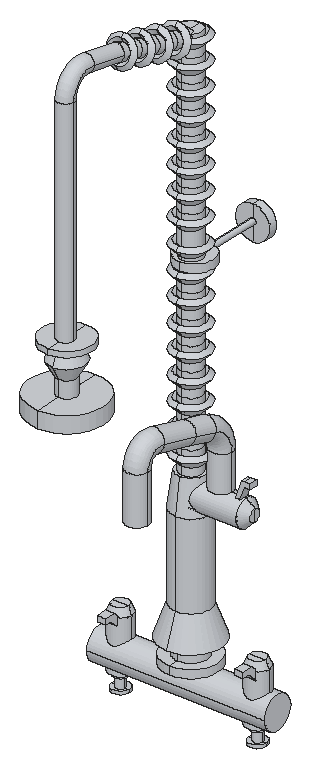
Revit family "FHS121", category Modelos genéricos, Revit 2014
Parameters
  URL = ""
  Modelo = "FHS121"  # constant formula
  Fabricante = "Enware"  # constant formula
  Author = "Yepsketch"  # constant formula
Reference planes
  plane 1 "Centro (Frontal/Posterior)": y = 0
  plane 2: z = 0
  plane 3 "Centro (Izquierda/Derecha)": x = 0
  plane 4: y = -159.034
  plane 5: y = -450
  plane 6: y = -159.034
Forms (mm)
  Revolve 1, solid
    sketch origin (0, 0, 0) x (0, 1, 0) y (0, 0, 1)
      loop
        line (0, 0) -> (0, 31.5) -> (-15, 31.5) -> (-15, 0) -> (0, 0)
      axis (0, 0) -> (-15, 0)
    angle from 0 to 360
  Revolve 2, solid
    sketch origin (0, 0, 0) x (0, 1, 0) y (0, 0, 1)
      loop
        line (-150, 10) -> (-150, -5) -> (-115, -5) -> (-115, 10) -> (-150, 10)
      axis (-150, 10) -> (-150, -5)
    angle from 0 to 360
  Revolve 3, solid
    sketch origin (0, 0, 0) x (0, 1, 0) y (0, 0, 1)
      loop
        line (-119.852, 1.976) -> (-15, 1.976) -> (-15, 6.976) -> (-119.852, 6.976) -> (-119.852, 1.976)
      axis (-119.852, 1.976) -> (-15, 1.976)
    angle from 0 to 360
  Revolve 4, solid
    sketch origin (0, -8.93, 47.555) x (0, 1, 0) y (0, 0, 1)
      loop
        line (-115.391, -615.708) -> (-115.391, -458.682) -> (-124.264, -395.549) -> (-150, -395.549) -> (-150, -497.994) -> (-150, -715.537) -> (-100.391, -715.537) -> (-100.391, -700.537) -> (-120.391, -700.537) -> (-120.391, -672.555) -> (-94.7, -672.555) -> (-115.391, -615.708)
      axis (-150, -395.549) -> (-150, -715.537)
    angle from 0 to 360
  Revolve 5, solid
    sketch origin (0, 3.345, 657.699) x (0, 1, 0) y (0, 0, 1)
      loop
        line (-450, -657.994) -> (-450, -781.164) -> (-382.321, -781.164) -> (-382.321, -751.164) -> (-432.321, -751.164) -> (-432.321, -721.164) -> (-417.321, -695.184) -> (-430, -667.994) -> (-405, -667.994) -> (-405, -657.994) -> (-450, -657.994)
      axis (-450, -657.994) -> (-450, -781.164)
    angle from 0 to 360
  Revolve 6, solid
    sketch origin (2.258, -159.733, 188.442) x (1, 0, 0) y (0, 0, 1)
      loop
        line (2.756, -570.785) -> (116.562, -570.785) -> (116.562, -559.927) -> (102.42, -545.785) -> (2.756, -545.785) -> (2.756, -570.785)
      axis (2.756, -570.785) -> (116.562, -570.785)
    angle from 0 to 360
  Sweep 7, solid
    path origin (0, -10, 470) x (0, 1, 0) y (0, 0, 1)
      loop
        line (-149.733, -827.342) -> (-149.733, -760.709)
        arc (-149.733, -760.709) -> (-160.066, -730.271) -> (-186.793, -712.413) r 50
        line (-186.793, -712.413) -> (-234.381, -699.661) -> (-306.969, -680.211)
        arc (-306.969, -680.211) -> (-332.996, -685.389) -> (-344.733, -709.189) r 30
        line (-344.733, -709.189) -> (-344.733, -797.662)
    profile origin (0, -159.733, -324.026) x (0, -1, 0) y (1, 0, 0)
      loop
        circle (0, 56.658) r 20
  Extrusion 8, solid
    sketch origin (0, 0, 0) x (1, 0, 0) y (0, 0, 1)
      loop
        line (98.798, -359.702) -> (107.129, -336.813) -> (117.129, -336.813) -> (117.129, -326.813) -> (107.129, -326.813) -> (102.129, -326.813) -> (90.159, -359.702) -> (98.798, -359.702)
    from 153.365 to 167.747
  Revolve 9, solid
    sketch origin (0, 0, 0) x (0, 1, 0) y (0, 0, 1)
      loop
        line (-159.034, 387.006) -> (-159.034, -347.994) -> (-139.034, -347.994) -> (-139.034, -332.994) -> (-124.892, -318.852) -> (-131.963, -311.781) -> (-139.034, -318.852) -> (-139.034, -304.71) -> (-139.034, -289.71) -> (-124.892, -275.568) -> (-131.963, -268.497) -> (-139.034, -275.568) -> (-139.034, -261.426) -> (-139.034, -246.426) -> (-124.892, -232.284) -> (-131.963, -225.213) -> (-139.034, -232.284) -> (-139.034, -218.142) -> (-139.034, -203.142) -> (-124.892, -188.999) -> (-131.963, -181.928) -> (-139.034, -188.999) -> (-139.034, -174.857) -> (-139.034, -159.857) -> (-124.892, -145.715) -> (-131.963, -138.644) -> (-139.034, -145.715) -> (-139.034, -131.573) -> (-139.034, -116.573) -> (-124.892, -102.431) -> (-131.963, -95.36) -> (-139.034, -102.431) -> (-139.034, -88.289) -> (-139.034, -71.573) -> (-124.892, -57.431) -> (-131.963, -50.36) -> (-139.034, -57.431) -> (-139.034, -43.289) -> (-139.034, -28.289) -> (-124.892, -14.147) -> (-131.963, -7.075) -> (-139.034, -14.147) -> (-139.034, -0.004) -> (-139.034, 14.996) -> (-124.892, 29.138) -> (-131.963, 36.209) -> (-139.034, 29.138) -> (-139.034, 59.996) -> (-124.892, 74.138) -> (-131.963, 81.209) -> (-139.034, 74.138) -> (-139.034, 88.28) -> (-139.034, 103.28) -> (-124.892, 117.422) -> (-131.963, 124.493) -> (-139.034, 117.422) -> (-139.034, 131.564) -> (-139.034, 146.564) -> (-124.892, 160.706) -> (-131.963, 167.777) -> (-139.034, 160.706) -> (-139.034, 174.848) -> (-139.034, 189.848) -> (-124.892, 203.991) -> (-131.963, 211.062) -> (-139.034, 203.991) -> (-139.034, 218.133) -> (-139.034, 233.133) -> (-124.892, 247.275) -> (-131.963, 254.346) -> (-139.034, 247.275) -> (-139.034, 261.417) -> (-139.034, 276.417) -> (-124.892, 290.559) -> (-131.963, 297.63) -> (-139.034, 290.559) -> (-139.034, 304.701) -> (-139.034, 319.701) -> (-124.892, 333.843) -> (-131.963, 340.914) -> (-139.034, 333.843) -> (-139.034, 347.985) -> (-139.034, 362.985) -> (-124.892, 377.128) -> (-131.963, 384.199) -> (-139.034, 377.128) -> (-139.034, 387.006) -> (-159.034, 387.006)
      axis (-159.034, 387.006) -> (-159.034, -347.994)
    angle from 0 to 360
  Revolve 10, solid
    sketch origin (0, -23.75, -72.5) x (0, 1, 0) y (0, 0, 1)
      loop
        line (-144.615, 447.694) -> (-140.481, 462.113) -> (-154.9, 466.247) -> (-164.9, 483.568) -> (-173.56, 478.568) -> (-168.737, 470.215) -> (-181.626, 473.911) -> (-196.045, 478.046) -> (-206.045, 495.366) -> (-214.705, 490.366) -> (-209.883, 482.014) -> (-222.771, 485.709) -> (-237.19, 489.844) -> (-247.19, 507.164) -> (-255.85, 502.164) -> (-251.028, 493.812) -> (-263.916, 497.507) -> (-278.335, 501.642) -> (-288.335, 518.962) -> (-296.995, 513.962) -> (-292.173, 505.61) -> (-305.061, 509.306) -> (-309.196, 494.887) -> (-144.615, 447.694)
      axis (-144.615, 447.694) -> (-309.196, 494.887)
    angle from 0 to 360
  Sweep 11, solid
    path origin (0, 0, 0) x (0, 1, 0) y (0, 0, 1)
      loop
        line (-332.946, 422.387) -> (-402.548, 435.585)
        arc (-402.548, 435.585) -> (-435.514, 427.091) -> (-450, 396.285) r 40
        line (-450, 396.285) -> (-450, -0.295)
    profile origin (0, -450, 197.995) x (1, 0, 0) y (0, 1, 0)
      loop
        circle (0, 0) r 15
  Extrusion 12, solid
    sketch origin (0, 0, 0) x (0, 1, 0) y (0, 0, 1)
      loop
        circle (-159.034, -695.457) r 30
    from -169.191 to 160.809
  Revolve 13, solid
    sketch origin (0, -160, 0) x (1, 0, 0) y (0, 0, 1)
      loop
        line (-129.637, -614.432) -> (-144.637, -614.432) -> (-150.976, -628.027) -> (-150.976, -678.027) -> (-150.976, -713.027) -> (-150.976, -725.32) -> (-142.911, -725.32) -> (-142.911, -732.814) -> (-137.911, -732.814) -> (-137.911, -752.814) -> (-145.843, -752.814) -> (-145.843, -757.814) -> (-129.637, -757.814) -> (-129.637, -614.432)
      axis (-129.637, -614.432) -> (-129.637, -757.814)
    angle from 0 to 360
  Revolve 14, solid
    sketch origin (255, -160, 0) x (1, 0, 0) y (0, 0, 1)
      loop
        line (-129.637, -614.432) -> (-144.637, -614.432) -> (-150.976, -628.027) -> (-150.976, -678.027) -> (-150.976, -713.027) -> (-150.976, -725.32) -> (-142.911, -725.32) -> (-142.911, -732.814) -> (-137.911, -732.814) -> (-137.911, -752.814) -> (-145.843, -752.814) -> (-145.843, -757.814) -> (-129.637, -757.814) -> (-129.637, -614.432)
      axis (-129.637, -614.432) -> (-129.637, -757.814)
    angle from 0 to 360
  Extrusion 15, solid
    sketch origin (0, 0, 0) x (0, 1, 0) y (0, 0, 1)
      loop
        line (-176.64, -644.166) -> (-167.835, -635.361) -> (-185.513, -617.684) -> (-205.513, -617.684) -> (-205.513, -627.684) -> (-193.122, -627.684) -> (-176.64, -644.166)
    from 118.819 to 134.279
  Extrusion 16, solid
    sketch origin (-255, 0, 0) x (0, 1, 0) y (0, 0, 1)
      loop
        line (-176.64, -644.166) -> (-167.835, -635.361) -> (-185.513, -617.684) -> (-205.513, -617.684) -> (-205.513, -627.684) -> (-193.122, -627.684) -> (-176.64, -644.166)
    from 118.819 to 134.279
Lines and regions (mm)
  symbolic lines
    curve 1: line (0, -590, 450.786) -> (0, -590, -624.214)
    curve 2: line (0, -520, -624.214) -> (0, -520, -119.214)
    curve 3: line (0, -590, -624.214) -> (0, 70, -624.214)
    curve 4: line (-169.191, 0, -736.389) -> (160.809, 0, -736.389)
Dimensions and locks
  aligned and locked: level to plane 2
